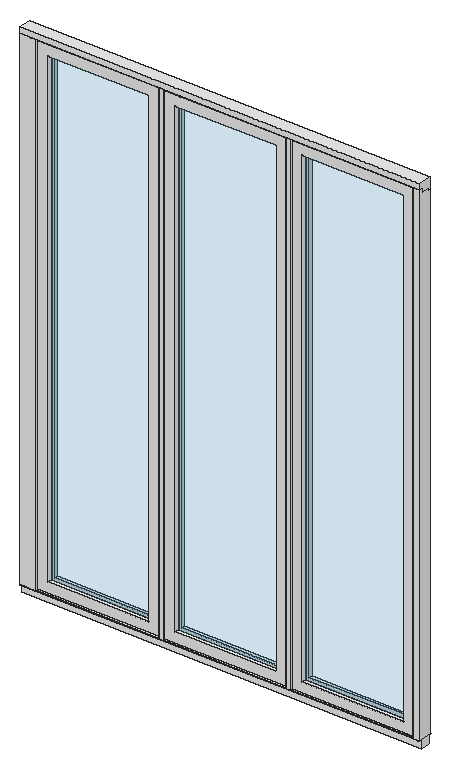
Revit family "98133", category Windows, host Wall, Revit 2018
Family settings
  Host = Wall
  OmniClass Number = 23.30.20.00
  OmniClass Title = Windows
  Always vertical = Yes
  Cut with Voids When Loaded = No
  Shared = No
  Room Calculation Point = No
Parameters (values of type "Standard")
  Y N Override Stack [instance] = no
  Y N Override Number of Panels [instance] = no
  Warranty URL = "http://www.nanawall.com/support/warranty"
  URL = "http://www.nanawall.com/design/autocad"
  U Value = 0.34
  Thickness = 2 97/128"
  Subcategory = "Folding Window"  # constant formula
  Stack Thickness [instance] = 2 97/128" * Panels  # 8 35/128"
  Split Stack Right [instance] = 4
  Split Stack [instance] = no
  Size Comment [instance] = if(or(Y N Override Stack, Y N Override Number of Panels), "CONTACT NANAWALL FOR SPECIAL SIZING", " ")  # " "
  Size Chart [instance] = "http://www.nanawall.com/products/sl73/sizes"
  Single Right Stack [instance] = if(and(Y N Override Stack, Left Stack), 1 = 0, if(Right Standard = 1, 1 = 1, if(and(C Split Stack, Split Stack Right = 1), 1 = 1, 1 = 0)))  # no
  Single Panel [instance] = if(and(Closed, system length 1 < 39 1/16"), 1 = 1, if(system length 1 > 39", 1 = 0, 1 = 0))  # no
  Single Mullion [instance] = if(Panels = 2, 1 = 1, 1 = 0)  # no
  Single Left Stack [instance] = if(and(not(Y N Override Stack), (Left Standard = 1)), 1 = 1, if(and(Y N Override Stack, Left Stack, (Panels = 1)), 1 = 1, (if(and(C Split Stack, Split Stack Right = Panels - 1), 1 = 1, 1 = 0))))  # yes
  Sills Available = "Raised, Low Profile Saddle, Flush"  # constant formula
  Sash = Metal - NanaWall - Aluminum
  Rough Width = system length 1 - (2 * (1 141/256"))  # 92 115/128"
  Rough Height = Height - 2 183/256"  # 117 73/256"
  Right Standard [instance] = roundup(Panels / 2)  # 2
  Right Stack Width [instance] = RS C * Thickness  # 5 33/64"
  Right Stack [instance] = no
  RS C [instance] = if(RS = 1, 2, if(RS = 0, 2, if(C Split Stack, Split Stack Right, RS)))  # 2
  RS [instance] = if(Not Override Stack, Right Standard, if(C Right Stack, Panels, if(C Left Stack, 2, if(C Split Stack, Split Stack Right, 2))))  # 2
  Product Page URL = "http://www.nanawall.com/products/sl73"
  Performance URL = "http://www.nanawall.com/products/sl73/testingresult"
  Panels [instance] = if(Y N Override Number of Panels, Override Number of Panels, Panel Constraint)  # 3
  Panel Width [instance] = (system length 1 - (4 211/256" + 2 69/256" + (2 97/128" * Middle Jamb Panels))) / Panels  # 27 51/64"
  Panel Height = Height Constraint - 2 55/256" - 71/256" - 55/256"  # 117 75/256"
  Panel Constraint [instance] = if(system length 1 < 55", 2, if(system length 1 < 82", 2, if(system length 1 < 110", 3, if(system length 1 < 137", 4, if(system length 1 < 166", 5, if(system length 1 < 192", 6, if(system length 1 < 220", 7, if(system length 1 < 247", 8, if(system length 1 < 274", 10, if(system length 1 < 396", 11, if(system length 1 < 432", 12, if(system length 1 < 468", 13, if(system length 1 < 504", 14, if(system length 1 < 540", 15, if(system length 1 < 576", 16, if(system length 1 < 612", 17, if(system length 1 < 648", 18, if(system length 1 < 684", 19, if(system length 1 < 720", 20, 21)))))))))))))))))))  # 3
  Override Number of Panels [instance] = 2
  Opening Width [instance] = system length 1 - (4 211/256" + 2 69/256" + (Panels * 2 97/128"))  # 80 81/128"
  Open Width [instance] = system length 1 - 7 3/32"  # 88 29/32"
  Open Right Single [instance] = if(and(Open, Single Right Stack), 1 = 1, 1 = 0)  # no
  Open Right Multi [instance] = if(and(Open, Multiple Right Stack), 1 = 1, 1 = 0)  # no
  Open Left Single [instance] = if(and(Open, Single Left Stack), 1 = 1, 1 = 0)  # no
  Open Left Multi [instance] = if(and(Open, Multiple Left Stack), 1 = 1, 1 = 0)  # no
  Open [instance] = no
  Not Override Stack [instance] = not(Y N Override Stack)  # yes
  NanaWall Configurator = "http://www.nanawall.com/content/select-wizard"
  Multiple Right Stack [instance] = if(system length 1 < 39 1/16", 1 = 0, if(and(Right Standard < 1.5, Not Override Stack), 1 = 0, if(and(Right Standard > 1, Not Override Stack), 1 = 1, (if(and(C Split Stack, Split Stack Right > 1), 1 = 1, if(C Right Stack, 1 = 1, 1 = 0))))))  # yes
  Multiple Panel [instance] = if(and(Open, system length 1 > 39 1/16"), 1 = 0, if(and(Closed, system length 1 > 39 1/16"), 1 = 1, if(system length 1 < 39", 1 = 0, 1 = 1)))  # yes
  Multiple Left Stack [instance] = if(and(Left Standard > 1, Not Override Stack), 1 = 1, (if(and(C Split Stack, Split Stack Right < Panels - 1), 1 = 1, if(C Left Stack, 1 = 1, 1 = 0))))  # no
  Model = "SL73"  # constant formula
  Middle Jamb Panels [instance] = Actual Number of Panels + 1  # 2
  Max Panel Height = if(Panel Height > 120", 120", Panel Height)  # 117 75/256"
  Manufacturer Toll Free Phone = "(888) 411-NANA(6262)"  # constant formula
  Manufacturer Phone = "(415) 383-3148"  # constant formula
  Manufacturer Fax = "(415) 383-0312"  # constant formula
  Manufacturer Email = "mailto:info@nanawall.com"
  Manufacturer Address = "100 Meadowcreek Drive #250, Corte Madera, CA 94925"  # constant formula
  Manufacturer = "NanaWall Systems, Inc."  # constant formula
  Left Standard [instance] = rounddown(Panels / 2)  # 1
  Left Stack Width [instance] = LS C * Thickness  # 5 33/64"
  Left Stack [instance] = no
  LS C [instance] = if(LS = 1, 2, if(LS = 0, 2, if(C Split Stack, Panels - Split Stack Right, LS)))  # 2
  LS [instance] = if(Not Override Stack, Left Standard, if(C Left Stack, Panels, if(C Right Stack, 2, if(C Split Stack, Panels - Split Stack Right, 2))))  # 1
  Jamb Height = Height Constraint - 1 97/256" - 5/64"  # 118 139/256"
  Installation and Service URL = "http://www.nanawall.com/support/installer"
  Height Constraint = if(Height < 39", 39", if(Height > 120", 120", Height))  # 120"
  Height = 120"
  Wall Closure = By host
  system length 1 = 96"
  Half Panel Width [instance] = Panel Width / 2  # 13 115/128"
  Glazing Options = "http://www.nanawall.com/products/sl73/glazing"
  Glass Material = Glass - NanaWall - Generic
  Filler = Rubber - NanaWall - Black
  Exterior Wall Offset = 3"
  Engineering Details URL = "http://www.nanawall.com/products/sl73/component"
  Disclaimer = "Please note that the Revit model is for schematic purposes only.  To obtain a detailed 3D model, please go to the NanaWall's configurator at www.nanawall.com."  # constant formula
  Description = "Miami Dade / AAMA Hurricane Approved Thermally Broken Aluminum Framed System"  # constant formula
  Cost Info = "http://www.nanawall.com/design_wizard/sl73/quote-AP-49"
  Closed [instance] = not(Open)  # yes
  Clearance On [instance] = no
  C Split Stack [instance] = if(and(Y N Override Stack, Split Stack), 1 = 1, if(Right Stack, 1 = 0, if(Left Stack, 1 = 0, 1 = 0)))  # no
  C Right Stack [instance] = if(and(Y N Override Stack, Right Stack), 1 = 1, if(Left Stack, 1 = 0, if(Split Stack, 1 = 0, 1 = 1)))  # yes
  C Panels [instance] = if(Panels < 2, 2, Panels)  # 3
  C Middle Jamb Panels [instance] = if(Middle Jamb Panels < 2, 2, Middle Jamb Panels)  # 2
  C Left Stack [instance] = if(and(Y N Override Stack, Left Stack), 1 = 1, if(Right Stack, 1 = 0, if(Split Stack, 1 = 0, 1 = 0)))  # no
  Assembly Code = "B2050.1040"
  Actual Number of Panels [instance] = Panels - 2  # 1
  95 CSI = "8411"  # constant formula
  04 CSI = "08 41 13"  # constant formula
Values of the unnamed type that differ from the named types
  Wall Closure = (empty or 0)
Reference planes (in)
  plane 1 "Center (Front/Back)": y = 0
  plane 2 "Center (Left/Right)": x = 0
  plane 3 "Left": x = -48
  plane 4 "Right": x = 48
  plane 5 "Top": z = 120
  plane 6: z = 117.78568
  plane 7 "Top Edge Of Sill": z = 0.46274
  plane 8: z = 60
  plane 9: x = -43.17717
  plane 10: x = 45.73133
  plane 11: x = 40.95878
  plane 12: x = 17.93445
  plane 13: y = 0
  plane 14: y = -1.5748
  plane 15: x = -15.38029
  plane 16: y = 1.5748
  plane 17: y = 1.1811
  plane 18: x = -14.00234
  plane 19: x = 16.55555
  plane 20: x = 15.1776
  plane 21: x = -12.62438
  plane 22: z = 118.34646
  plane 23: z = 0.07874
  plane 24: x = 46.47441
  plane 25: x = -43.91535
  plane 26: x = -38.39973
Lines and regions (in)
  Opening 1
    outline origin (-90, -3, 0) x (1, 0, 0) y (0, 0, 1)
      loop
        line (42, 0) -> (138, 0) -> (138, 120) -> (42, 120) -> (42, 0)
  symbolic lines
    curve 1: line (-48, 1.1811, 0) -> (48, 1.1811, 0)
    curve 2: line (48, -1.5748, 0) -> (-48, -1.5748, 0)
    curve 3: line (-43.91535, -1.5748, 0) -> (-43.91535, 1.1811, 0)
    curve 4: line (46.47441, -1.5748, 0) -> (46.47441, 1.1811, 0)
  symbolic lines, visible <- "Clearance On"
    curve 5: line (-43.91535, -29.37168, 0) -> (-43.91535, -1.5748, 0)
    curve 6: line (46.47441, -29.37168, 0) -> (-43.91535, -29.37168, 0)
    curve 7: line (46.47441, -1.5748, 0) -> (46.47441, -29.37168, 0)
Text (in)
  text "Exterior" at (-74.96733, 72.19792, 0), in view "Ref. Level"
  text "Interior" at (-74.96733, -80.65592, 0), in view "Ref. Level"
  text "Exterior" at (0, 40.15149, 123.01588), in view "Right"
  text "Interior" at (0, -64.39139, 123.01588), in view "Right"
  text "Interior" at (0, -31.01599, 123.00693), in view "Left"
  text "Exterior" at (0, 54.57065, 123.00693), in view "Left"
Dimensions and locks (in)
  "Height Constraint": level to plane 5 "Top"
  "system length 1": plane 3 "Left" to plane 4 "Right"
  locked: level to plane 7 "Top Edge Of Sill" at 0.46274
  locked: plane 6 to plane 5 "Top" at 2.21432
  equal spacing: level, plane 8, plane 5 "Top"
  locked: plane 10 to plane 4 "Right" at 2.26867
  "Right Stack Width": plane 11 to plane 24
  "Panel Width": plane 12 to plane 10
  "Exterior Wall Offset": host wall to plane 13
  group 2 to group 1 = 2 97/128"
  group 1 to group 2 = 0"  (x2)
  locked: plane 13 to plane 14 at 1.5748
  equal spacing: plane 3 "Left", plane 2 "Center (Left/Right)", plane 4 "Right"
  locked: plane 3 "Left" to plane 9 at 4.82283
  "Panel Width": plane 9 to plane 15
  locked: plane 15 to plane 18 at 1.37795
  locked: plane 19 to plane 12 at 1.37891
  locked: plane 20 to plane 19 at 1.37795
  locked: plane 18 to plane 21 at 1.37795
  plane 15 to plane 21 = 2.75591"
  plane 22 to plane 5 "Top" = 1.65354"
  locked: plane 23 to level at 0.07874
  group 3 to group 4 = 30.55789"
  group 3 to group 4 = 0"  (x2)
  locked: plane 24 to plane 4 "Right" at 1.52559
  locked: plane 3 "Left" to plane 25 at 4.08465
  "Left Stack Width": plane 25 to plane 26
  group 5 to group 6 = 2 97/128"
  group 5 to group 6 = 0"  (x2)
  group 8 to group 7 = 2.75972"
  group 7 to group 8 = 0"  (x2)
  group 9 to group 10 = 2.75972"
  group 9 to group 10 = 0"  (x2)
  plane 3 "Left" to plane 9 = 4.82283"
  plane 10 to plane 4 "Right" = 2.26867"
  equal spacing: group 11, group 12, group 13  (x3)
  "Panel Width": plane 14 to curve 6
  aligned and locked: plane 3 "Left" to Opening 1 sketch curve
  aligned and locked: plane 5 "Top" to Opening 1 sketch curve  (x2)
  aligned and locked: Opening 1 sketch curve to plane 4 "Right"
  aligned and locked: Opening 1 sketch curve to level
  aligned and locked: nested 1 to nested 3
  aligned and locked: plane 5 "Top" to nested 3
  aligned and locked: plane 3 "Left" to nested 4
  aligned and locked: plane 14 to nested 6
  aligned and locked: nested 4 to plane 13
  aligned and locked: nested 2 to plane 13
  aligned and locked: plane 4 "Right" to nested 2
  aligned and locked: plane 3 "Left" to nested 2
  aligned and locked: plane 14 to nested 5
  aligned and locked: nested 1 to plane 4 "Right"
  aligned and locked: nested 2 to level
  aligned and locked: plane 9 to nested 7
  aligned and locked: nested 8 to plane 18
  aligned and locked: nested 1 to plane 23
  aligned and locked: plane 23 to nested 4
  aligned and locked: nested 8 to plane 23
  aligned and locked: nested 6 to plane 11
  aligned and locked: plane 14 to nested 8
  aligned and locked: plane 19 to nested 9
  aligned and locked: plane 14 to nested 9
  aligned and locked: nested 9 to plane 23
  aligned and locked: plane 14 to nested 1
  aligned and locked: plane 14 to nested 12
  aligned and locked: nested 5 to plane 24
  aligned and locked: nested 12 to plane 24
  aligned and locked: plane 14 to nested 13
  aligned and locked: plane 25 to nested 13
  aligned and locked: nested 14 to plane 26
  aligned and locked: plane 14 to nested 14
  aligned and locked: plane 14 to nested 11
  aligned and locked: plane 25 to nested 11
  aligned and locked: nested 10 to plane 14
  aligned and locked: nested 15 to plane 14
  aligned and locked: plane 24 to nested 15
  aligned and locked: nested 16 to plane 11
  aligned and locked: nested 16 to plane 14
  aligned and locked: plane 24 to nested 10
  aligned and locked: plane 14 to nested 18
  aligned and locked: nested 18 to plane 25
  aligned and locked: nested 19 to plane 26
  aligned and locked: plane 14 to nested 19
  aligned and locked: plane 14 to nested 17
  aligned and locked: nested 17 to plane 25
  aligned and locked: plane 9 to nested 20
  aligned and locked: nested 21 to plane 18
  aligned and locked: plane 14 to nested 21
  aligned and locked: nested 12 to plane 14
  aligned and locked: nested 6 to plane 14
  aligned and locked: nested 13 to plane 14
  aligned and locked: nested 14 to plane 14
  aligned and locked: nested 11 to plane 14
  aligned and locked: nested 5 to plane 14
  aligned and locked: curve 5 to plane 25
  aligned and locked: plane 24 to curve 7
  aligned and locked: nested 22 to plane 21
Automatic sketch dimensions
  curve 2 to plane 3 "Left" = 0"
  curve 1 to plane 3 "Left" = 0"
  curve 3 to plane 17 = 0"
  curve 3 to plane 25 = 0"
  curve 4 to plane 24 = 0"
  curve 1 to plane 4 "Right" = 0"
  curve 2 to plane 4 "Right" = 0"
  curve 5 to plane 14 = 0"
Nested families (in)
  nested 1: "Right-Jamb_SL-73" at (55.30207, 0, 0.07874), type "Right-Jamb_SL-73"
  nested 2: "Sill_SL-73" at (7.30207, 0, 0), type ""
  nested 3: "Header_SL-73" at (7.30207, 0, 0), type ""
  nested 4: "Left-Jamb_SL-73" at (-40.69793, 0, 0.07874), type ""
  nested 5: "DetailItem_Panel" at (45.05023, -13.81307, 0), visible <- "Multiple Right Stack", type "DetailItem_Panel"
  nested 6: "DetailItem_Panel" at (42.29242, -13.81307, 0), visible <- "Multiple Right Stack", type "DetailItem_Panel"
  nested 7: "Sash_SL-73_NanaWall" at (-29.29107, 7.70117, 0.75811), visible <- "Multiple Panel", type "Sash-1_SL-73_NanaWall"
  nested 8: "Middle-Jamb_SL-73" at (-6.70027, -0.19685, 0.07874), visible <- "Multiple Panel", type "Middle-Jamb_SL-73"
  nested 9: "Middle-Jamb_SL-73" at (23.85762, -0.19685, 0.07874), visible <- "Multiple Panel", type "Middle-Jamb_SL-73"
  nested 10: "Sash_SL-73_NanaWall" at (37.39528, -15.48559, 0.75811) x (0, 1, 0) z (0, 0, 1), visible <- "Open Right Single", type "Sash-1_SL-73_NanaWall"
  nested 11: "DetailItem_Panel" at (-42.58172, -13.81307, 0), visible <- "Single Left Stack", type "DetailItem_Panel"
  nested 12: "DetailItem_Panel" at (45.05023, -13.81307, 0), visible <- "Single Right Stack", type "DetailItem_Panel"
  nested 13: "DetailItem_Panel" at (-42.58172, -13.81307, 0), visible <- "Multiple Left Stack", type "DetailItem_Panel"
  nested 14: "DetailItem_Panel" at (-39.82391, -13.81307, 0), visible <- "Multiple Left Stack", type "DetailItem_Panel"
  nested 15: "Sash_SL-73_NanaWall" at (37.39528, -15.48559, 0.75811) x (0, 1, 0) z (0, 0, 1), visible <- "Open Right Multi", type "Sash-1_SL-73_NanaWall"
  nested 16: "Sash_SL-73_NanaWall" at (34.63557, -15.48559, 0.75811) x (0, 1, 0) z (0, 0, 1), visible <- "Open Right Multi", type "Sash-1_SL-73_NanaWall"
  nested 17: "Sash_SL-73_NanaWall" at (-34.83623, -15.46089, 0.75811) x (0, -1, 0) z (0, 0, 1), visible <- "Open Left Single", type "Sash-1_SL-73_NanaWall"
  nested 18: "Sash_SL-73_NanaWall" at (-34.83623, -15.46089, 0.75811) x (0, -1, 0) z (0, 0, 1), visible <- "Open Left Multi", type "Sash-1_SL-73_NanaWall"
  nested 19: "Sash_SL-73_NanaWall" at (-32.07651, -15.46089, 0.75811) x (0, -1, 0) z (0, 0, 1), visible <- "Open Left Multi", type "Sash-1_SL-73_NanaWall"
  nested 20: "Sash_SL-73_NanaWall" at (1.26361, 7.70117, 0.75811), visible <- "Single Panel", type "Sash-1_SL-73_NanaWall Full"
  nested 21: "Middle-Jamb_SL-73" at (-6.70027, -0.19685, 0.07874), visible <- "Single Mullion", type "Middle-Jamb_SL-73"
  nested 22: "Sash_SL-73_NanaWall" at (1.26171, 7.70117, 0.75811), visible <- "Multiple Panel", type "Sash-1_SL-73_NanaWall"
  nested 23: "Sash_SL-73_NanaWall" at (31.81449, 7.70117, 0.75811), visible <- "Multiple Panel", type "Sash-1_SL-73_NanaWall"
Definition of nested family "Right-Jamb_SL-73"
  Parameters
    built-in parameter 1001301 = 12"
    Right Jamb = none
    Height = 118 139/256"
    Half = yes
    Assembly Code = ""
  Reference planes (in)
    plane 1 "Center (Front/Back)": y = 0
    plane 2: z = 0
    plane 3 "Center (Left/Right)": x = -7.30207
    plane 4 "Top": z = 118.54297
    plane 5: y = 1.5748
    plane 6: y = -1.5748
    plane 7: x = -9.57074
  Forms (in)
    Extrusion 1, solid, material <- "Right Jamb"
      sketch origin (0, -0.05622, 0) x (1, 0, 0) y (0, 1, 0)
        loop
          line (-7.30207, 1.63102) -> (-9.86112, 1.63102) -> (-9.86112, 1.24778) -> (-9.57074, 1.24778) -> (-9.57074, -0.55402) -> (-8.70955, -0.55402) -> (-8.70955, -1.51859) -> (-7.30207, -1.51859) -> (-7.30207, 1.63102)
      from 0 to 118.54297
  Lines and regions (in)
    Masking region 1
      outline origin (0, -0.05622, 0) x (1, 0, 0) y (0, 1, 0)
        loop
          line (-7.30207, 1.63102) -> (-9.86112, 1.63102) -> (-9.86112, 1.24778) -> (-9.57074, 1.24778) -> (-9.57074, -0.55402) -> (-8.70955, -0.55402) -> (-8.70955, -1.51859) -> (-7.30207, -1.51859) -> (-7.30207, 1.63102)
  Dimensions and locks (in)
    "Height": plane 4 "Top" to level
    plane 4 "Top" to level = 118 139/256"
    aligned and locked: Extrusion 1 sketch curve to plane 3 "Center (Left/Right)"
    aligned and locked: plane 4 "Top" to Extrusion 1
    aligned and locked: Extrusion 1 to level
  Automatic sketch dimensions
    Masking region 1 sketch curve to plane 3 "Center (Left/Right)" = 0"
    Extrusion 1 sketch curve to plane 1 "Center (Front/Back)" = 1.5748"
    Extrusion 1 sketch curve to plane 3 "Center (Left/Right)" = 1.40748"
    Masking region 1 sketch curve to plane 1 "Center (Front/Back)" = 1.5748"
    Extrusion 1 sketch curve to Extrusion 1 sketch curve = 0.86119"
    Extrusion 1 sketch curve to Extrusion 1 sketch curve = 1.15157"
    Extrusion 1 sketch curve to Extrusion 1 sketch curve = 0.96457"
    plane 1 "Center (Front/Back)" to Extrusion 1 sketch curve = 0.61024"
    Extrusion 1 sketch curve to Extrusion 1 sketch curve = 0.38324"
    Masking region 1 sketch curve to Masking region 1 sketch curve = 0.86119"
    plane 1 "Center (Front/Back)" to Masking region 1 sketch curve = 0.61024"
    Masking region 1 sketch curve to Masking region 1 sketch curve = 0.29038"
    Masking region 1 sketch curve to Masking region 1 sketch curve = 0.38324"
    Masking region 1 sketch curve to plane 3 "Center (Left/Right)" = 1.40748"
    plane 1 "Center (Front/Back)" to Masking region 1 sketch curve = 1.5748"
  Nested families (in)
    nested 1: "RightJamb_SL73" at (-11.28334, 0, 0), type "RightJamb_SL73"
  Definition of nested family "RightJamb_SL73"
    Parameters
      SmartBIM Object Version = 1  # constant formula
      SmartBIM Object Created By = "Reed Construction Data"  # constant formula
      Half Piece = yes
      Assembly Code = ""
      95 CSI = ""
      04 CSI = ""
    Reference planes (in)
      plane 1 "Center (Front/Back)": y = 0
      plane 2: z = 0
      plane 3 "Center (Left/Right)": x = 0
    Lines and regions (in)
      model lines, in view "Ref. Level"
        curve 1: arc (2.57379, -1.53543, 0) -> (2.5541, -1.55512, 0) -> (2.57379, -1.5748, 0) r 0.01969
        curve 2: circle (2.45568, -1.85039, 0) r 0.12795 normal (0, 0, 1)
        curve 3: arc (2.34544, -1.64147, 0) -> (2.33369, -2.05268, 0) -> (2.6919, -1.85039, 0) r 0.23622
        curve 4: circle (2.45568, -1.85039, 0) r 0.14764 normal (0, 0, 1)
        curve 5: line (2.38481, -1.66674, 0) -> (2.34544, -1.64147, 0)
        curve 6: arc (2.77261, -1.12539, 0) -> (2.75634, -1.07746, 0) -> (2.71425, -1.04933, 0) r 0.07874
        curve 7: arc (2.71425, -1.41523, 0) -> (2.75634, -1.38711, 0) -> (2.77261, -1.33918, 0) r 0.07874
        curve 8: circle (2.45568, -1.85039, 0) r 0.17717 normal (0, 0, 1)
        curve 9: arc (2.18009, -1.85039, 0) -> (2.60151, -2.08424, 0) -> (2.57694, -1.60291, 0) r 0.27559
        curve 10: arc (2.56591, -0.98425, 0) -> (2.55438, -0.95641, 0) -> (2.52654, -0.94488, 0) r 0.03937
        curve 11: arc (2.33757, -1.5748, 0) -> (2.35725, -1.55512, 0) -> (2.33757, -1.53543, 0) r 0.01969
        curve 12: arc (2.56591, -1.58524, 0) -> (2.5689, -1.59565, 0) -> (2.57694, -1.60291, 0) r 0.01969
        curve 13: circle (2.45568, -1.85039, 0) r 0.15748 normal (0, 0, 1)
        curve 14: circle (2.45568, -1.85039, 0) r 0.12205 normal (0, 0, 1)
        curve 15: arc (2.19711, -1.04933, 0) -> (2.15502, -1.07746, 0) -> (2.13875, -1.12539, 0) r 0.07874
        curve 16: arc (2.13875, -1.33918, 0) -> (2.15502, -1.38711, 0) -> (2.19711, -1.41523, 0) r 0.07874
        curve 17: line (2.60332, -1.5748, 0) -> (2.60332, -1.39378, 0)
        curve 18: line (2.60332, -1.39378, 0) -> (2.66237, -1.37795, 0)
        curve 19: line (2.66237, -1.37795, 0) -> (2.66237, -1.50394, 0)
        curve 20: line (2.6919, -1.85039, 0) -> (2.6919, -1.59063, 0)
        curve 21: line (2.6919, -1.59063, 0) -> (2.63284, -1.5748, 0)
        curve 22: line (2.63284, -1.5748, 0) -> (2.57379, -1.5748, 0)
        curve 23: line (2.57379, -1.53543, 0) -> (2.57379, -1.37008, 0)
        curve 24: line (2.57379, -1.37008, 0) -> (2.65253, -1.34898, 0)
        curve 25: line (2.65253, -1.34898, 0) -> (2.65253, -1.11559, 0)
        curve 26: line (2.65253, -1.11559, 0) -> (2.57379, -1.09449, 0)
        curve 27: line (2.67418, -1.35827, 0) -> (2.66237, -1.35827, 0)
        curve 28: line (2.66237, -1.35827, 0) -> (2.66237, -1.42913, 0)
        curve 29: line (2.66237, -1.42913, 0) -> (2.71425, -1.41523, 0)
        curve 30: line (2.65253, -1.3189, 0) -> (2.67418, -1.3189, 0)
        curve 31: line (2.67418, -1.29921, 0) -> (2.65253, -1.29921, 0)
        curve 32: line (2.60332, -1.06685, 0) -> (2.66237, -1.08268, 0)
        curve 33: line (2.66237, -1.08268, 0) -> (2.59544, -1.08268, 0)
        curve 34: line (2.59544, -1.08268, 0) -> (2.59544, -1.10029, 0)
        curve 35: line (2.66237, -1.12205, 0) -> (2.66237, -1.03543, 0)
        curve 36: line (2.66237, -1.03543, 0) -> (2.71425, -1.04933, 0)
        curve 37: line (2.67418, -1.42597, 0) -> (2.67418, -1.0386, 0)
        curve 38: line (2.77261, -1.12266, 0) -> (2.77261, -1.33918, 0)
        curve 39: line (2.45568, -2.24409, 0) -> (2.45568, -1.45669, 0)
        curve 40: line (2.84938, -1.85039, 0) -> (2.06198, -1.85039, 0)
        curve 41: line (2.56591, -1.58524, 0) -> (2.56591, -0.98425, 0)
        curve 42: line (2.52654, -0.94488, 0) -> (2.33757, -0.94488, 0)
        curve 43: line (2.33757, -0.94488, 0) -> (2.33757, -1.10256, 0)
        curve 44: line (2.33757, -1.10256, 0) -> (2.31591, -1.16205, 0)
        curve 45: line (2.25883, -1.3189, 0) -> (2.25883, -1.34898, 0)
        curve 46: line (2.25883, -1.34898, 0) -> (2.33757, -1.37008, 0)
        curve 47: line (2.33757, -1.37008, 0) -> (2.33757, -1.53543, 0)
        curve 48: line (2.33757, -1.53543, 0) -> (2.33757, -1.5748, 0)
        curve 49: line (2.33757, -1.5748, 0) -> (2.27851, -1.5748, 0)
        curve 50: line (2.27851, -1.5748, 0) -> (2.18009, -1.60118, 0)
        curve 51: line (2.18009, -1.60118, 0) -> (2.18009, -1.85039, 0)
        curve 52: line (2.13875, -1.12539, 0) -> (2.13875, -1.33918, 0)
        curve 53: line (2.23717, -1.42597, 0) -> (2.23717, -1.0386, 0)
        curve 54: line (2.19711, -1.41523, 0) -> (2.24899, -1.42913, 0)
        curve 55: line (2.24899, -1.42913, 0) -> (2.24899, -1.35827, 0)
        curve 56: line (2.24899, -1.35827, 0) -> (2.23717, -1.35827, 0)
        curve 57: line (2.24899, -1.12205, 0) -> (2.24899, -1.03543, 0)
        curve 58: line (2.24899, -1.03543, 0) -> (2.19711, -1.04933, 0)
        curve 59: line (2.24899, -1.08268, 0) -> (2.31591, -1.08268, 0)
        curve 60: line (2.31591, -1.08268, 0) -> (2.31591, -1.29921, 0)
        curve 61: line (2.31591, -1.29921, 0) -> (2.31591, -1.3189, 0)
        curve 62: line (2.31591, -1.3189, 0) -> (2.23717, -1.3189, 0)
        curve 63: line (2.23717, -1.29921, 0) -> (2.31591, -1.29921, 0)
        curve 64: arc (1.95765, -0.84252, 0) -> (1.97157, -0.83675, 0) -> (1.97733, -0.82283, 0) r 0.01969
        curve 65: arc (1.84347, -0.82283, 0) -> (1.84924, -0.83675, 0) -> (1.86316, -0.84252, 0) r 0.01969
        curve 66: arc (1.86316, -0.76378, 0) -> (1.84924, -0.76955, 0) -> (1.84347, -0.78346, 0) r 0.01969
        curve 67: arc (1.81198, -0.75394, 0) -> (1.81025, -0.74976, 0) -> (1.80607, -0.74803, 0) r 0.00591
        curve 68: arc (1.76867, -0.70079, 0) -> (1.74083, -0.71232, 0) -> (1.7293, -0.74016, 0) r 0.03937
        curve 69: arc (1.78692, -0.79826, 0) -> (1.77731, -0.79863, 0) -> (1.77261, -0.80703, 0) r 0.00984
        curve 70: arc (2.25472, -0.63848, 0) -> (2.12965, -0.61284, 0) -> (2.002, -0.61468, 0) r 0.59055
        curve 71: arc (2.23417, -0.68154, 0) -> (2.12203, -0.65958, 0) -> (2.00778, -0.66157, 0) r 0.54331
        curve 72: arc (2.12908, -0.81881, 0) -> (2.2154, -0.79751, 0) -> (2.28521, -0.74243, 0) r 0.21027
        curve 73: arc (2.002, -0.61468, 0) -> (1.98145, -0.64101, 0) -> (2.00778, -0.66157, 0) r 0.02362
        curve 74: arc (2.01473, -0.74803, 0) -> (2.01056, -0.74976, 0) -> (2.00883, -0.75394, 0) r 0.00591
        curve 75: arc (1.97733, -0.78346, 0) -> (1.97157, -0.76955, 0) -> (1.95765, -0.76378, 0) r 0.01969
        curve 76: arc (2.123, -0.75394, 0) -> (2.12127, -0.74976, 0) -> (2.1171, -0.74803, 0) r 0.00591
        curve 77: arc (2.0482, -0.81565, 0) -> (2.0435, -0.80726, 0) -> (2.03389, -0.80688, 0) r 0.00984
        curve 78: arc (2.123, -0.81291, 0) -> (2.12479, -0.81714, 0) -> (2.12908, -0.81881, 0) r 0.00591
        curve 79: arc (2.28521, -0.74243, 0) -> (2.29752, -0.68237, 0) -> (2.25472, -0.63848, 0) r 0.06544
        curve 80: arc (2.23127, -0.70079, 0) -> (2.241, -0.69241, 0) -> (2.23417, -0.68154, 0) r 0.00984
        curve 81: arc (3.32927, 0.82916, 0) -> (3.31198, 0.7874, 0) -> (3.32927, 0.74564, 0) r 0.05906
        curve 82: arc (3.56001, 0.65748, 0) -> (3.58757, 0.62992, 0) -> (3.56001, 0.60236, 0) r 0.02756
        curve 83: arc (3.06801, 0.81496, 0) -> (3.11114, 0.83367, 0) -> (3.12694, 0.87795, 0) r 0.05906
        curve 84: arc (3.33054, 0.87795, 0) -> (3.34873, 0.8658, 0) -> (3.34446, 0.84435, 0) r 0.01969
        curve 85: arc (3.83989, -0.13806, 0) -> (3.83465, -0.14266, 0) -> (3.83511, -0.14961, 0) r 0.00787
        curve 86: arc (3.88966, -0.24409, 0) -> (3.88966, -0.25197, 0) -> (3.88284, -0.25591, 0) r 0.00787
        curve 87: arc (3.70174, -0.25591, 0) -> (3.69492, -0.25197, 0) -> (3.69492, -0.24409, 0) r 0.00787
        curve 88: arc (3.74947, -0.14961, 0) -> (3.74947, -0.14173, 0) -> (3.74266, -0.1378, 0) r 0.00787
        curve 89: arc (3.6881, -0.1378, 0) -> (3.66842, -0.14307, 0) -> (3.65401, -0.15748, 0) r 0.03937
        curve 90: arc (3.29278, -0.15748, 0) -> (3.27837, -0.14307, 0) -> (3.25869, -0.1378, 0) r 0.03937
        curve 91: arc (3.20413, -0.1378, 0) -> (3.19731, -0.14173, 0) -> (3.19731, -0.14961, 0) r 0.00787
        curve 92: arc (3.25187, -0.24409, 0) -> (3.25187, -0.25197, 0) -> (3.24505, -0.25591, 0) r 0.00787
        curve 93: arc (3.06395, -0.25591, 0) -> (3.05713, -0.25197, 0) -> (3.05713, -0.24409, 0) r 0.00787
        curve 94: arc (3.11168, -0.14961, 0) -> (3.11214, -0.14266, 0) -> (3.1069, -0.13806, 0) r 0.00787
        curve 95: arc (3.0218, -0.11526, 0) -> (3.00472, -0.11866, 0) -> (2.99702, -0.13427, 0) r 0.01969
        curve 96: arc (2.20568, -0.25591, 0) -> (2.17025, -0.29134, 0) -> (2.20568, -0.32677, 0) r 0.03543
        curve 97: arc (2.41681, -0.39438, 0) -> (2.40942, -0.39828, 0) -> (2.40647, -0.4061, 0) r 0.01181
        curve 98: arc (2.40647, -0.46005, 0) -> (2.40942, -0.46786, 0) -> (2.41681, -0.47177, 0) r 0.01181
        curve 99: arc (2.09938, -0.53937, 0) -> (2.09506, -0.53366, 0) -> (2.08824, -0.5315, 0) r 0.01181
        curve 100: arc (2.06395, -0.5315, 0) -> (2.05559, -0.53496, 0) -> (2.05213, -0.54331, 0) r 0.01181
        curve 101: arc (2.05213, -0.57087, 0) -> (2.06367, -0.5987, 0) -> (2.09151, -0.61024, 0) r 0.03937
        curve 102: arc (3.53082, -0.82908, 0) -> (3.52525, -0.82677, 0) -> (3.51968, -0.82908, 0) r 0.00787
        curve 103: arc (3.51968, -0.74573, 0) -> (3.52525, -0.74803, 0) -> (3.53082, -0.74573, 0) r 0.00787
        curve 104: arc (3.98127, -0.2874, 0) -> (3.97204, -0.26513, 0) -> (3.94977, -0.25591, 0) r 0.0315
        curve 105: arc (3.94977, -0.13427, 0) -> (3.94207, -0.11866, 0) -> (3.92499, -0.11526, 0) r 0.01969
        curve 106: arc (3.32927, -0.74564, 0) -> (3.31198, -0.7874, 0) -> (3.32927, -0.82916, 0) r 0.05906
        curve 107: arc (3.34446, -0.84435, 0) -> (3.34873, -0.8658, 0) -> (3.33054, -0.87795, 0) r 0.01969
        curve 108: arc (3.12694, -0.87795, 0) -> (3.08518, -0.89525, 0) -> (3.06788, -0.93701, 0) r 0.05906
        curve 109: arc (3.06788, -0.97638, 0) -> (3.07941, -1.00422, 0) -> (3.10725, -1.01575, 0) r 0.03937
        curve 110: arc (3.10725, -1.41732, 0) -> (3.07941, -1.42885, 0) -> (3.06788, -1.45669, 0) r 0.03937
        curve 111: arc (2.87103, -1.00394, 0) -> (2.85028, -0.95383, 0) -> (2.80017, -0.93307, 0) r 0.07087
        curve 112: arc (2.67418, -0.61024, 0) -> (2.65343, -0.56013, 0) -> (2.60332, -0.53937, 0) r 0.07087
        curve 113: arc (3.83166, 0.41591, 0) -> (3.8343, 0.40606, 0) -> (3.84151, 0.39886, 0) r 0.01969
        curve 114: arc (3.84151, -0.12327, 0) -> (3.8343, -0.13047, 0) -> (3.83166, -0.14032, 0) r 0.01969
        curve 115: arc (3.88186, 0.26645, 0) -> (3.87658, 0.28614, 0) -> (3.86217, 0.30055, 0) r 0.03937
        curve 116: arc (3.86217, -0.02496, 0) -> (3.87658, -0.01055, 0) -> (3.88186, 0.00914, 0) r 0.03937
        curve 117: arc (3.86808, -0.25591, 0) -> (3.87365, -0.2536, 0) -> (3.87595, -0.24803, 0) r 0.00787
        curve 118: arc (3.70863, -0.24803, 0) -> (3.71094, -0.2536, 0) -> (3.71651, -0.25591, 0) r 0.00787
        curve 119: arc (3.77261, -0.07667, 0) -> (3.7582, -0.09108, 0) -> (3.75292, -0.11077, 0) r 0.03937
        curve 120: arc (3.75292, 0.38636, 0) -> (3.7582, 0.36667, 0) -> (3.77261, 0.35226, 0) r 0.03937
        curve 121: arc (3.71651, 0.5315, 0) -> (3.71094, 0.52919, 0) -> (3.70863, 0.52362, 0) r 0.00787
        curve 122: arc (3.87595, 0.52362, 0) -> (3.87365, 0.52919, 0) -> (3.86808, 0.5315, 0) r 0.00787
        curve 123: arc (3.94288, -0.06474, 0) -> (3.95009, -0.05753, 0) -> (3.95273, -0.04769, 0) r 0.01969
        curve 124: arc (3.95273, 0.32328, 0) -> (3.95009, 0.33312, 0) -> (3.94288, 0.34033, 0) r 0.01969
        curve 125: arc (3.11513, -0.14032, 0) -> (3.11249, -0.13047, 0) -> (3.10528, -0.12327, 0) r 0.01969
        curve 126: arc (3.10528, 0.39886, 0) -> (3.11249, 0.40606, 0) -> (3.11513, 0.41591, 0) r 0.01969
        curve 127: arc (3.06493, 0.00914, 0) -> (3.0702, -0.01055, 0) -> (3.08462, -0.02496, 0) r 0.03937
        curve 128: arc (3.08462, 0.30055, 0) -> (3.0702, 0.28614, 0) -> (3.06493, 0.26645, 0) r 0.03937
        curve 129: arc (3.07871, 0.5315, 0) -> (3.07314, 0.52919, 0) -> (3.07084, 0.52362, 0) r 0.00787
        curve 130: arc (3.23816, 0.52362, 0) -> (3.23585, 0.52919, 0) -> (3.23028, 0.5315, 0) r 0.00787
        curve 131: arc (3.17418, 0.35226, 0) -> (3.18859, 0.36667, 0) -> (3.19387, 0.38636, 0) r 0.03937
        curve 132: arc (3.19387, -0.11077, 0) -> (3.18859, -0.09108, 0) -> (3.17418, -0.07667, 0) r 0.03937
        curve 133: arc (3.23028, -0.25591, 0) -> (3.23585, -0.2536, 0) -> (3.23816, -0.24803, 0) r 0.00787
        curve 134: arc (3.07084, -0.24803, 0) -> (3.07314, -0.2536, 0) -> (3.07871, -0.25591, 0) r 0.00787
        curve 135: arc (3.00391, 0.34033, 0) -> (2.9967, 0.33312, 0) -> (2.99406, 0.32328, 0) r 0.01969
        curve 136: arc (2.99406, -0.04769, 0) -> (2.9967, -0.05753, 0) -> (3.00391, -0.06474, 0) r 0.01969
        curve 137: arc (3.51968, 0.74573, 0) -> (3.52525, 0.74803, 0) -> (3.53082, 0.74573, 0) r 0.00787
        curve 138: arc (3.98127, 0.56299, 0) -> (3.97204, 0.54072, 0) -> (3.94977, 0.5315, 0) r 0.0315
        curve 139: arc (3.94977, 0.40987, 0) -> (3.94207, 0.39425, 0) -> (3.92499, 0.39085, 0) r 0.01969
        curve 140: arc (3.83989, 0.41365, 0) -> (3.83465, 0.41825, 0) -> (3.83511, 0.4252, 0) r 0.00787
        curve 141: arc (3.88966, 0.51969, 0) -> (3.88966, 0.52756, 0) -> (3.88284, 0.5315, 0) r 0.00787
        curve 142: arc (3.70174, 0.5315, 0) -> (3.69492, 0.52756, 0) -> (3.69492, 0.51969, 0) r 0.00787
        curve 143: arc (3.74947, 0.4252, 0) -> (3.74947, 0.41732, 0) -> (3.74266, 0.41339, 0) r 0.00787
        curve 144: arc (3.6881, 0.41339, 0) -> (3.66842, 0.41866, 0) -> (3.65401, 0.43307, 0) r 0.03937
        curve 145: arc (3.29278, 0.43307, 0) -> (3.27837, 0.41866, 0) -> (3.25869, 0.41339, 0) r 0.03937
        curve 146: arc (3.20413, 0.41339, 0) -> (3.19731, 0.41732, 0) -> (3.19731, 0.4252, 0) r 0.00787
        curve 147: arc (3.25187, 0.51969, 0) -> (3.25187, 0.52756, 0) -> (3.24505, 0.5315, 0) r 0.00787
        curve 148: arc (3.06395, 0.5315, 0) -> (3.05713, 0.52756, 0) -> (3.05713, 0.51969, 0) r 0.00787
        curve 149: arc (3.11168, 0.4252, 0) -> (3.11214, 0.41825, 0) -> (3.1069, 0.41365, 0) r 0.00787
        curve 150: arc (3.0218, 0.39085, 0) -> (3.00472, 0.39425, 0) -> (2.99702, 0.40987, 0) r 0.01969
        curve 151: arc (2.20568, 0.5315, 0) -> (2.17025, 0.56693, 0) -> (2.20568, 0.60236, 0) r 0.03543
        curve 152: arc (2.41681, 0.66997, 0) -> (2.40942, 0.67387, 0) -> (2.40647, 0.68169, 0) r 0.01181
        curve 153: arc (2.40647, 0.73564, 0) -> (2.40942, 0.74345, 0) -> (2.41681, 0.74736, 0) r 0.01181
        curve 154: arc (2.09938, 0.81496, 0) -> (2.09506, 0.80925, 0) -> (2.08824, 0.80709, 0) r 0.01181
        curve 155: arc (2.06395, 0.80709, 0) -> (2.05559, 0.81055, 0) -> (2.05213, 0.8189, 0) r 0.01181
        curve 156: arc (2.05213, 0.84646, 0) -> (2.06367, 0.8743, 0) -> (2.09151, 0.88583, 0) r 0.03937
        curve 157: arc (2.06395, 1.42913, 0) -> (2.04665, 1.38738, 0) -> (2.00489, 1.37008, 0) r 0.05906
        curve 158: arc (1.61906, 1.49606, 0) -> (1.53983, 1.46555, 0) -> (1.50155, 1.38976, 0) r 0.11811
        curve 159: arc (1.65843, 1.38976, 0) -> (1.70019, 1.37247, 0) -> (1.71749, 1.33071, 0) r 0.05906
        curve 160: arc (1.71749, 1.27953, 0) -> (1.70596, 1.25169, 0) -> (1.67812, 1.24016, 0) r 0.03937
        curve 161: arc (1.65056, 1.24016, 0) -> (1.63664, 1.24592, 0) -> (1.63088, 1.25984, 0) r 0.01969
        curve 162: arc (1.50883, 1.25984, 0) -> (1.50306, 1.24592, 0) -> (1.48914, 1.24016, 0) r 0.01969
        curve 163: arc (1.42221, 1.37795, 0) -> (1.47987, 1.51715, 0) -> (1.61906, 1.5748, 0) r 0.19685
        curve 164: arc (3.53082, 0.82908, 0) -> (3.52525, 0.82677, 0) -> (3.51968, 0.82908, 0) r 0.00787
        curve 165: arc (0.86924, -0.38717, 0) -> (0.87385, -0.39831, 0) -> (0.88499, -0.40292, 0) r 0.01575
        curve 166: arc (0.90622, -0.30895, 0) -> (0.91094, -0.29756, 0) -> (0.91255, -0.28533, 0) r 0.04724
        curve 167: arc (0.91255, 0.42437, 0) -> (0.91094, 0.4366, 0) -> (0.90622, 0.44799, 0) r 0.04724
        curve 168: arc (0.88499, 0.54196, 0) -> (0.87385, 0.53735, 0) -> (0.86924, 0.52621, 0) r 0.01575
        curve 169: arc (1.0346, 0.52621, 0) -> (1.02998, 0.53735, 0) -> (1.01885, 0.54196, 0) r 0.01575
        curve 170: arc (0.99762, 0.44799, 0) -> (0.9929, 0.4366, 0) -> (0.99129, 0.42437, 0) r 0.04724
        curve 171: arc (0.99129, -0.28533, 0) -> (0.9929, -0.29756, 0) -> (0.99762, -0.30895, 0) r 0.04724
        curve 172: arc (1.01885, -0.40292, 0) -> (1.02998, -0.39831, 0) -> (1.0346, -0.38717, 0) r 0.01575
        curve 173: arc (1.4654, -0.38717, 0) -> (1.47002, -0.39831, 0) -> (1.48115, -0.40292, 0) r 0.01575
        curve 174: arc (1.50238, -0.30895, 0) -> (1.5071, -0.29756, 0) -> (1.50871, -0.28533, 0) r 0.04724
        curve 175: arc (1.50871, 0.42437, 0) -> (1.5071, 0.4366, 0) -> (1.50238, 0.44799, 0) r 0.04724
        curve 176: arc (1.48115, 0.54196, 0) -> (1.47002, 0.53735, 0) -> (1.4654, 0.52621, 0) r 0.01575
        curve 177: arc (1.63076, 0.52621, 0) -> (1.62615, 0.53735, 0) -> (1.61501, 0.54196, 0) r 0.01575
        curve 178: arc (1.59378, 0.44799, 0) -> (1.58906, 0.4366, 0) -> (1.58745, 0.42437, 0) r 0.04724
        curve 179: arc (1.58745, -0.28533, 0) -> (1.58906, -0.29756, 0) -> (1.59378, -0.30895, 0) r 0.04724
        curve 180: arc (1.61501, -0.40292, 0) -> (1.62615, -0.39831, 0) -> (1.63076, -0.38717, 0) r 0.01575
        curve 181: arc (1.05118, 0.44353, 0) -> (1.09851, 0.46314, 0) -> (1.11811, 0.51046, 0) r 0.06693
        curve 182: arc (1.00868, 0.45928, 0) -> (1.00081, 0.45141, 0) -> (1.00868, 0.44353, 0) r 0.00787
        curve 183: arc (0.85039, 0.54196, 0) -> (0.84802, 0.5161, 0) -> (0.86485, 0.49633, 0) r 0.03346
        curve 184: arc (0.87794, 0.48396, 0) -> (0.8723, 0.4911, 0) -> (0.86485, 0.49633, 0) r 0.0315
        curve 185: arc (0.89814, 0.46225, 0) -> (0.89434, 0.46314, 0) -> (0.89057, 0.46208, 0) r 0.00787
        curve 186: arc (0.90237, 0.45475, 0) -> (0.90137, 0.45913, 0) -> (0.89814, 0.46225, 0) r 0.00787
        curve 187: arc (0.89655, 0.44766, 0) -> (0.9006, 0.45027, 0) -> (0.90237, 0.45475, 0) r 0.00787
        curve 188: arc (0.84145, 0.4329, 0) -> (0.83514, 0.42868, 0) -> (0.8327, 0.42149, 0) r 0.01181
        curve 189: arc (0.79333, 0.39629, 0) -> (0.80255, 0.37402, 0) -> (0.82483, 0.36479, 0) r 0.0315
        curve 190: arc (0.79333, 0.4022, 0) -> (0.79243, 0.40672, 0) -> (0.78987, 0.41055, 0) r 0.01181
        curve 191: arc (0.77986, 0.42454, 0) -> (0.7803, 0.42116, 0) -> (0.78214, 0.41828, 0) r 0.00787
        curve 192: arc (0.78842, 0.52238, 0) -> (0.79132, 0.53087, 0) -> (0.7874, 0.53895, 0) r 0.01181
        curve 193: arc (0.84646, 0.69157, 0) -> (0.84338, 0.69781, 0) -> (0.83654, 0.69917, 0) r 0.00787
        curve 194: arc (0.27559, 1.1207, 0) -> (0.13394, 1.06379, 0) -> (0.07105, 0.92469, 0) r 0.20472
        curve 195: arc (0.07105, 0.92469, 0) -> (0.07651, 0.91023, 0) -> (0.09072, 0.90416, 0) r 0.01969
        curve 196: arc (0.46457, 0.84511, 0) -> (0.44727, 0.88687, 0) -> (0.40551, 0.90416, 0) r 0.05906
        curve 197: arc (0.41732, 0.71913, 0) -> (0.45073, 0.73296, 0) -> (0.46457, 0.76637, 0) r 0.04724
        curve 198: arc (0.27559, 1.19157, 0) -> (0.08072, 1.11085, 0) -> (0, 0.91598, 0) r 0.27559
        curve 199: arc (1.7126, 1.19157, 0) -> (1.70669, 1.09986, 0) -> (1.7126, 1.00815, 0) r 0.71502
        curve 200: arc (1.65354, 1.00259, 0) -> (1.65662, 0.99634, 0) -> (1.66346, 0.99498, 0) r 0.00787
        curve 201: arc (1.66346, 0.69917, 0) -> (1.65662, 0.69781, 0) -> (1.65354, 0.69157, 0) r 0.00787
        curve 202: arc (1.7126, 0.53895, 0) -> (1.70868, 0.53087, 0) -> (1.71158, 0.52238, 0) r 0.01181
        curve 203: arc (1.71786, 0.41828, 0) -> (1.7197, 0.42116, 0) -> (1.72014, 0.42454, 0) r 0.00787
        curve 204: arc (1.71013, 0.41055, 0) -> (1.70757, 0.40672, 0) -> (1.70667, 0.4022, 0) r 0.01181
        curve 205: arc (1.67517, 0.36479, 0) -> (1.69745, 0.37402, 0) -> (1.70667, 0.39629, 0) r 0.0315
        curve 206: arc (1.6673, 0.42149, 0) -> (1.66486, 0.42868, 0) -> (1.65855, 0.4329, 0) r 0.01181
        curve 207: arc (1.59763, 0.45475, 0) -> (1.5994, 0.45027, 0) -> (1.60345, 0.44766, 0) r 0.00787
        curve 208: arc (1.60186, 0.46225, 0) -> (1.59863, 0.45913, 0) -> (1.59763, 0.45475, 0) r 0.00787
        curve 209: arc (1.60943, 0.46208, 0) -> (1.60566, 0.46314, 0) -> (1.60186, 0.46225, 0) r 0.00787
        curve 210: arc (1.63515, 0.49633, 0) -> (1.6277, 0.4911, 0) -> (1.62206, 0.48396, 0) r 0.0315
        curve 211: arc (1.63515, 0.49633, 0) -> (1.65198, 0.5161, 0) -> (1.64961, 0.54196, 0) r 0.03346
        curve 212: arc (1.49132, 0.44353, 0) -> (1.49919, 0.45141, 0) -> (1.49132, 0.45928, 0) r 0.00787
        curve 213: arc (1.38189, 0.51046, 0) -> (1.40149, 0.46314, 0) -> (1.44882, 0.44353, 0) r 0.06693
        curve 214: arc (1.64961, -0.40292, 0) -> (1.65198, -0.37707, 0) -> (1.63515, -0.35729, 0) r 0.03346
        curve 215: arc (1.62206, -0.34492, 0) -> (1.6277, -0.35206, 0) -> (1.63515, -0.35729, 0) r 0.0315
        curve 216: arc (1.60345, -0.30862, 0) -> (1.59932, -0.31133, 0) -> (1.59762, -0.31597, 0) r 0.00787
        curve 217: arc (1.59762, -0.31597, 0) -> (1.59876, -0.32031, 0) -> (1.60207, -0.32332, 0) r 0.00787
        curve 218: arc (1.60207, -0.32332, 0) -> (1.60578, -0.32409, 0) -> (1.60943, -0.32305, 0) r 0.00787
        curve 219: arc (1.65855, -0.29386, 0) -> (1.66486, -0.28964, 0) -> (1.6673, -0.28245, 0) r 0.01181
        curve 220: arc (1.70667, -0.25725, 0) -> (1.69745, -0.23498, 0) -> (1.67517, -0.22576, 0) r 0.0315
        curve 221: arc (1.70667, -0.26316, 0) -> (1.70757, -0.26768, 0) -> (1.71013, -0.27151, 0) r 0.01181
        curve 222: arc (1.72014, -0.2855, 0) -> (1.7197, -0.28212, 0) -> (1.71786, -0.27924, 0) r 0.00787
        curve 223: arc (1.71158, -0.38334, 0) -> (1.70868, -0.39184, 0) -> (1.7126, -0.39991, 0) r 0.01181
        curve 224: arc (1.67323, -0.48166, 0) -> (1.70107, -0.47013, 0) -> (1.7126, -0.44229, 0) r 0.03937
        curve 225: arc (1.80705, -0.75846, 0) -> (1.80174, -0.74377, 0) -> (1.7874, -0.73757, 0) r 0.01969
        curve 226: arc (2.02362, -0.73757, 0) -> (2.0097, -0.74333, 0) -> (2.00394, -0.75725, 0) r 0.01969
        curve 227: arc (2.11024, -0.77694, 0) -> (2.0987, -0.7491, 0) -> (2.07087, -0.73757, 0) r 0.03937
        curve 228: arc (2.29541, -0.97036, 0) -> (2.28279, -0.94476, 0) -> (2.25619, -0.93442, 0) r 0.03937
        curve 229: arc (2.24409, -1.06434, 0) -> (2.24718, -1.07059, 0) -> (2.25401, -1.07194, 0) r 0.00787
        curve 230: arc (2.25401, -1.36776, 0) -> (2.24718, -1.36912, 0) -> (2.24409, -1.37536, 0) r 0.00787
        curve 231: arc (2.30315, -1.38093, 0) -> (2.29724, -1.47263, 0) -> (2.30315, -1.56434, 0) r 0.71502
        curve 232: arc (0.84646, -0.8045, 0) -> (0.84338, -0.79825, 0) -> (0.83654, -0.79689, 0) r 0.00787
        curve 233: arc (0.83654, -0.56013, 0) -> (0.84338, -0.55878, 0) -> (0.84646, -0.55253, 0) r 0.00787
        curve 234: arc (0.7874, -0.39991, 0) -> (0.79132, -0.39184, 0) -> (0.78842, -0.38334, 0) r 0.01181
        curve 235: arc (0.78214, -0.27924, 0) -> (0.7803, -0.28212, 0) -> (0.77986, -0.2855, 0) r 0.00787
        curve 236: arc (0.78987, -0.27151, 0) -> (0.79243, -0.26768, 0) -> (0.79333, -0.26316, 0) r 0.01181
        curve 237: arc (0.82483, -0.22576, 0) -> (0.80255, -0.23498, 0) -> (0.79333, -0.25725, 0) r 0.0315
        curve 238: arc (0.8327, -0.28245, 0) -> (0.83514, -0.28964, 0) -> (0.84145, -0.29386, 0) r 0.01181
        curve 239: arc (0.90238, -0.31597, 0) -> (0.90068, -0.31133, 0) -> (0.89655, -0.30862, 0) r 0.00787
        curve 240: arc (0.89793, -0.32332, 0) -> (0.90124, -0.32031, 0) -> (0.90238, -0.31597, 0) r 0.00787
        curve 241: arc (0.89057, -0.32305, 0) -> (0.89422, -0.32409, 0) -> (0.89793, -0.32332, 0) r 0.00787
        curve 242: arc (0.86485, -0.35729, 0) -> (0.8723, -0.35206, 0) -> (0.87794, -0.34492, 0) r 0.0315
        curve 243: arc (0.86485, -0.35729, 0) -> (0.84802, -0.37707, 0) -> (0.85039, -0.40292, 0) r 0.03346
        curve 244: arc (1.00187, -0.31631, 0) -> (1.00475, -0.31919, 0) -> (1.00868, -0.32024, 0) r 0.00787
        curve 245: arc (1.00868, -0.3045, 0) -> (1.00187, -0.30843, 0) -> (1.00187, -0.31631, 0) r 0.00787
        curve 246: arc (1.11811, -0.37143, 0) -> (1.09851, -0.3241, 0) -> (1.05118, -0.3045, 0) r 0.06693
        curve 247: arc (1.44882, -0.3045, 0) -> (1.40149, -0.3241, 0) -> (1.38189, -0.37143, 0) r 0.06693
        curve 248: arc (1.49132, -0.32024, 0) -> (1.49525, -0.31919, 0) -> (1.49813, -0.31631, 0) r 0.00787
        curve 249: arc (1.49813, -0.31631, 0) -> (1.49813, -0.30843, 0) -> (1.49132, -0.3045, 0) r 0.00787
        curve 250: arc (1.51969, -1.4541, 0) -> (1.50815, -1.42626, 0) -> (1.48031, -1.41473, 0) r 0.03937
        curve 251: arc (1.70079, -0.93442, 0) -> (1.72039, -0.98174, 0) -> (1.76772, -1.00135, 0) r 0.06693
        curve 252: arc (1.45276, -0.73757, 0) -> (1.47236, -0.78489, 0) -> (1.51969, -0.8045, 0) r 0.06693
        curve 253: arc (1.7126, 1.19157, 0) -> (1.70669, 1.09986, 0) -> (1.7126, 1.00815, 0) r 0.71502
        curve 254: arc (0.41732, 0.71913, 0) -> (0.45073, 0.73296, 0) -> (0.46457, 0.76637, 0) r 0.04724
        curve 255: arc (0.60646, 0.48678, 0) -> (0.59585, 0.48238, 0) -> (0.58525, 0.48678, 0) r 0.015
        curve 256: arc (0.53153, 0.54049, 0) -> (0.52093, 0.54488, 0) -> (0.51032, 0.54049, 0) r 0.015
        curve 257: arc (0.45661, 0.48678, 0) -> (0.446, 0.48238, 0) -> (0.43539, 0.48678, 0) r 0.015
        curve 258: arc (0.38168, 0.54049, 0) -> (0.37108, 0.54488, 0) -> (0.36047, 0.54049, 0) r 0.015
        curve 259: arc (0.30676, 0.48678, 0) -> (0.29615, 0.48238, 0) -> (0.28554, 0.48678, 0) r 0.015
        curve 260: arc (0.23183, 0.54049, 0) -> (0.22122, 0.54488, 0) -> (0.21062, 0.54049, 0) r 0.015
        curve 261: arc (0.1569, 0.48678, 0) -> (0.1463, 0.48238, 0) -> (0.13569, 0.48678, 0) r 0.015
        curve 262: arc (0.08198, 0.54049, 0) -> (0.07137, 0.54488, 0) -> (0.06076, 0.54049, 0) r 0.015
        curve 263: arc (0.00705, 0.48678, 0) -> (-0.00356, 0.48238, 0) -> (-0.01416, 0.48678, 0) r 0.015
        curve 264: arc (-0.06788, 0.54049, 0) -> (-0.07848, 0.54488, 0) -> (-0.08909, 0.54049, 0) r 0.015
        curve 265: arc (-0.1578, 0.47178, 0) -> (-0.17606, 0.46948, 0) -> (-0.18281, 0.48659, 0) r 0.015
        curve 266: arc (-0.09369, 0.79739, 0) -> (-0.0829, 0.81308, 0) -> (-0.06485, 0.81912, 0) r 0.03
        curve 267: arc (0.08343, 0.76849, 0) -> (0.07456, 0.77387, 0) -> (0.07524, 0.78423, 0) r 0.01
        curve 268: arc (0.18183, 0.72636, 0) -> (0.19255, 0.71032, 0) -> (0.21081, 0.70412, 0) r 0.03
        curve 269: arc (0.26557, 0.70412, 0) -> (0.28383, 0.71032, 0) -> (0.29455, 0.72636, 0) r 0.03
        curve 270: arc (0.40115, 0.78423, 0) -> (0.40182, 0.77387, 0) -> (0.39295, 0.76849, 0) r 0.01
        curve 271: arc (0.16535, -0.78556, 0) -> (0.18681, -0.81409, 0) -> (0.2225, -0.81354, 0) r 0.03937
        curve 272: arc (-0.0337, -0.67488, 0) -> (0.00658, -0.76491, 0) -> (0.09251, -0.81332, 0) r 0.15748
        curve 273: arc (0.09251, -0.81332, 0) -> (0.10658, -0.80912, 0) -> (0.11107, -0.79513, 0) r 0.01575
        curve 274: arc (-0.0337, -0.67488, 0) -> (-0.07384, -0.6434, 0) -> (-0.10384, -0.68465, 0) r 0.03543
        curve 275: arc (0.14424, -0.66584, 0) -> (0.11231, -0.64348, 0) -> (0.08995, -0.67541, 0) r 0.02756
        curve 276: arc (0.56781, -0.70241, 0) -> (0.58095, -0.65985, 0) -> (0.53839, -0.64671, 0) r 0.0315
        curve 277: arc (0.69685, -1.46591, 0) -> (0.69108, -1.47983, 0) -> (0.67717, -1.4856, 0) r 0.01969
        curve 278: arc (0.69685, -1.34807, 0) -> (0.72337, -1.28404, 0) -> (0.7874, -1.25752, 0) r 0.09055
        curve 279: arc (0.83811, -1.24137, 0) -> (0.83136, -1.25296, 0) -> (0.81875, -1.25752, 0) r 0.01969
        curve 280: arc (0.88717, -0.98023, 0) -> (0.86818, -0.95275, 0) -> (0.89566, -0.93376, 0) r 0.02362
        curve 281: arc (0.93441, -0.94083, 0) -> (0.95974, -0.9572, 0) -> (0.96606, -0.98668, 0) r 0.03937
        curve 282: arc (0.9719, -0.99575, 0) -> (0.96718, -0.99238, 0) -> (0.96606, -0.98668, 0) r 0.00787
        curve 283: arc (0.9719, -0.99575, 0) -> (0.98946, -1.02292, 0) -> (0.96344, -1.04213, 0) r 0.02362
        curve 284: arc (0.95476, -1.04854, 0) -> (0.95783, -1.04362, 0) -> (0.96344, -1.04213, 0) r 0.00787
        curve 285: arc (0.87399, -1.35163, 0) -> (0.86725, -1.3632, 0) -> (0.85466, -1.36776, 0) r 0.01965
        curve 286: arc (0.83858, -1.36776, 0) -> (0.82466, -1.36199, 0) -> (0.8189, -1.34807, 0) r 0.01969
        curve 287: arc (0.79921, -1.32839, 0) -> (0.81313, -1.33415, 0) -> (0.8189, -1.34807, 0) r 0.01969
        curve 288: arc (0.76772, -1.34807, 0) -> (0.77348, -1.33415, 0) -> (0.7874, -1.32839, 0) r 0.01969
        curve 289: arc (0.76772, -1.50922, 0) -> (0.78164, -1.51499, 0) -> (0.7874, -1.52891, 0) r 0.01969
        curve 290: arc (0.0003, -0.9605, 0) -> (0.01183, -0.93266, 0) -> (0.03967, -0.92113, 0) r 0.03937
        curve 291: arc (0.07904, -0.92113, 0) -> (0.09296, -0.92689, 0) -> (0.09872, -0.94081, 0) r 0.01968
        curve 292: arc (0.25621, -0.94081, 0) -> (0.26197, -0.92689, 0) -> (0.27589, -0.92113, 0) r 0.01969
        curve 293: arc (0.30345, -0.92113, 0) -> (0.33129, -0.93266, 0) -> (0.34282, -0.9605, 0) r 0.03937
        curve 294: arc (0.34282, -1.03924, 0) -> (0.33129, -1.06708, 0) -> (0.30345, -1.07861, 0) r 0.03937
        curve 295: arc (0.9719, -0.99575, 0) -> (0.98946, -1.02292, 0) -> (0.96344, -1.04213, 0) r 0.02362
        curve 296: arc (0.96344, -1.04213, 0) -> (0.95783, -1.04362, 0) -> (0.95476, -1.04854, 0) r 0.00787
        curve 297: arc (0.87399, -1.35163, 0) -> (0.86725, -1.3632, 0) -> (0.85465, -1.36776, 0) r 0.01965
        curve 298: arc (0.83858, -1.36776, 0) -> (0.82466, -1.36199, 0) -> (0.8189, -1.34807, 0) r 0.01969
        curve 299: arc (0.8189, -1.34807, 0) -> (0.81313, -1.33415, 0) -> (0.79921, -1.32839, 0) r 0.01969
        curve 300: arc (0.7874, -1.32839, 0) -> (0.77348, -1.33415, 0) -> (0.76772, -1.34807, 0) r 0.01969
        curve 301: arc (0.76772, -1.50922, 0) -> (0.78164, -1.51499, 0) -> (0.7874, -1.52891, 0) r 0.01969
        curve 302: arc (0.0003, -0.9605, 0) -> (0.01183, -0.93266, 0) -> (0.03967, -0.92113, 0) r 0.03937
        curve 303: arc (0.07904, -0.92113, 0) -> (0.09296, -0.92689, 0) -> (0.09872, -0.94081, 0) r 0.01968
        curve 304: arc (0.25621, -0.94081, 0) -> (0.26197, -0.92689, 0) -> (0.27589, -0.92113, 0) r 0.01969
        curve 305: arc (0.30345, -0.92113, 0) -> (0.33129, -0.93266, 0) -> (0.34282, -0.9605, 0) r 0.03937
        curve 306: arc (0.34282, -1.03924, 0) -> (0.33129, -1.06708, 0) -> (0.30345, -1.07861, 0) r 0.03937
        curve 307: arc (0.67717, -1.4856, 0) -> (0.69108, -1.47983, 0) -> (0.69685, -1.46591, 0) r 0.01969
        curve 308: arc (0.69685, -1.34807, 0) -> (0.72337, -1.28404, 0) -> (0.7874, -1.25752, 0) r 0.09055
        curve 309: arc (0.81875, -1.25752, 0) -> (0.83136, -1.25296, 0) -> (0.83811, -1.24137, 0) r 0.01969
        curve 310: arc (0.88717, -0.98023, 0) -> (0.86818, -0.95275, 0) -> (0.89566, -0.93376, 0) r 0.02362
        curve 311: line (1.47536, 1.29134, 0) -> (1.66434, 1.29134, 0)
        curve 312: line (1.66434, 1.29134, 0) -> (1.66434, 1.33071, 0)
        curve 313: line (1.66434, 1.33071, 0) -> (1.47536, 1.33071, 0)
        curve 314: line (1.47536, 1.33071, 0) -> (1.47536, 1.29134, 0)
        curve 315: line (1.56985, 1.17323, 0) -> (1.56985, 1.29134, 0)
        curve 316: line (1.56985, 1.29134, 0) -> (1.59068, 1.17323, 0)
        curve 317: line (1.60983, 1.29134, 0) -> (1.63065, 1.17323, 0)
        curve 318: line (1.58984, 1.29134, 0) -> (1.61067, 1.17323, 0)
        curve 319: line (1.56985, 1.29134, 0) -> (1.54903, 1.17323, 0)
        curve 320: line (1.54986, 1.29134, 0) -> (1.52904, 1.17323, 0)
        curve 321: line (1.52987, 1.29134, 0) -> (1.50905, 1.17323, 0)
        curve 322: line (1.77261, -0.80703, 0) -> (1.77434, -0.82025, 0)
        curve 323: line (1.77434, -0.82025, 0) -> (1.83031, -0.87622, 0)
        curve 324: line (1.83031, -0.87622, 0) -> (1.99495, -0.87795, 0)
        curve 325: line (1.99495, -0.87795, 0) -> (2.04647, -0.82888, 0)
        curve 326: line (2.04647, -0.82888, 0) -> (2.0482, -0.81565, 0)
        curve 327: line (2.23127, -0.70079, 0) -> (1.76867, -0.70079, 0)
        curve 328: line (1.7293, -0.74016, 0) -> (1.7293, -0.74803, 0)
        curve 329: line (1.7293, -0.74803, 0) -> (1.80607, -0.74803, 0)
        curve 330: line (1.80607, -0.74803, 0) -> (1.81198, -0.81102, 0)
        curve 331: line (1.81198, -0.81102, 0) -> (1.78692, -0.79826, 0)
        curve 332: line (1.84347, -0.82283, 0) -> (1.84347, -0.78346, 0)
        curve 333: line (2.03389, -0.80688, 0) -> (2.00883, -0.81965, 0)
        curve 334: line (2.00883, -0.81965, 0) -> (2.00883, -0.75394, 0)
        curve 335: line (2.00883, -0.75394, 0) -> (2.1171, -0.74803, 0)
        curve 336: line (2.1171, -0.74803, 0) -> (2.123, -0.81291, 0)
        curve 337: line (1.97733, -0.78346, 0) -> (1.97733, -0.82283, 0)
        curve 338: line (1.86316, -0.76378, 0) -> (1.95765, -0.76378, 0)
        curve 339: line (1.95765, -0.84252, 0) -> (1.86316, -0.84252, 0)
        curve 340: line (3.71355, 0.93701, 0) -> (3.12694, 0.93701, 0)
        curve 341: line (3.12694, 0.93701, 0) -> (3.12694, 1.49606, 0)
        curve 342: line (3.12694, 1.49606, 0) -> (3.71355, 1.49606, 0)
        curve 343: line (3.71355, 1.49606, 0) -> (3.71355, 0.93701, 0)
        curve 344: line (3.32927, 0.74564, 0) -> (3.41744, 0.65748, 0)
        curve 345: line (3.41744, 0.65748, 0) -> (3.56001, 0.65748, 0)
        curve 346: line (3.56001, 0.60236, 0) -> (2.55607, 0.60236, 0)
        curve 347: line (2.55607, 0.60236, 0) -> (2.55607, 0.81496, 0)
        curve 348: line (2.55607, 0.81496, 0) -> (3.06801, 0.81496, 0)
        curve 349: line (3.12694, 0.87795, 0) -> (3.33054, 0.87795, 0)
        curve 350: line (3.34446, 0.84435, 0) -> (3.32927, 0.82916, 0)
        curve 351: line (3.92499, -0.11526, 0) -> (3.83989, -0.13806, 0)
        curve 352: line (3.83166, -0.14032, 0) -> (3.83511, -0.14961, 0)
        curve 353: line (3.83511, -0.14961, 0) -> (3.88966, -0.24409, 0)
        curve 354: line (3.88284, -0.25591, 0) -> (3.70174, -0.25591, 0)
        curve 355: line (3.69492, -0.24409, 0) -> (3.74947, -0.14961, 0)
        curve 356: line (3.74947, -0.14961, 0) -> (3.75292, -0.11077, 0)
        curve 357: line (3.74266, -0.1378, 0) -> (3.6881, -0.1378, 0)
        curve 358: line (3.65401, -0.15748, 0) -> (3.59718, -0.25591, 0)
        curve 359: line (3.59718, -0.25591, 0) -> (3.34961, -0.25591, 0)
        curve 360: line (3.34961, -0.25591, 0) -> (3.29278, -0.15748, 0)
        curve 361: line (3.25869, -0.1378, 0) -> (3.20413, -0.1378, 0)
        curve 362: line (3.19387, -0.11077, 0) -> (3.19731, -0.14961, 0)
        curve 363: line (3.19731, -0.14961, 0) -> (3.25187, -0.24409, 0)
        curve 364: line (3.24505, -0.25591, 0) -> (3.06395, -0.25591, 0)
